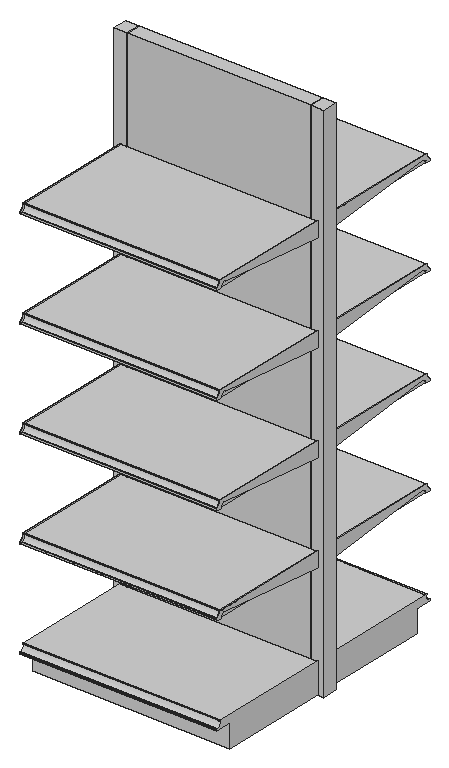
Revit family "TL1", category Specialty Equipment, Revit 2012
Parameters (values of type "Tube Line Starter (Default)")
  Width = 3' - 0"
  URL = "http://www.madixinc.com/display/tubeline.html#"
  Model = "Tube Line"
  Manufacturer = "© 2012 Madix, Inc. All rights reserved."
  "Front" Base Shelf [instance] = yes
  "Front" Shelf 2' [instance] = yes
  "Front" Shelf 3' - 6" [instance] = yes
  "Front" Shelf 5' [instance] = yes
  "Front" Shelf 6' - 6" [instance] = yes
  "Back" Base Shelf [instance] = yes
  "Back" Shelf 2' [instance] = yes
  "Back" Shelf 3' - 6" [instance] = yes
  "Front" Shelf Depth = 1' - 10"
  "Back" Shelf 5' [instance] = yes
  "Back" Shelf Depth = 1' - 10"
  Upright Height = 8' - 0"
  "Back" Shelf 6' - 6" [instance] = yes
Reference planes (in)
  plane 1 "Center (Front/Back)": y = 0
  plane 2: z = 0
  plane 3 "Center (Left/Right)": x = 0
  plane 4: y = 1.375
  plane 5: y = -1.375
  plane 6: z = 96
  plane 7: z = 0
  plane 8 "1st shelf": z = 23.5
  plane 9 "2nd shelf": z = 41.5
  plane 10 "3rd shelf": z = 59.5
  plane 11 "4th shelf": z = 77.5
  plane 12: y = -24.25
  plane 13: x = -18
  plane 14: x = 18
  plane 15: x = -17.875
  plane 16: x = 17.875
  plane 17: z = 41.5
  plane 18: y = 24.25
  plane 19: y = 23.375
  plane 20: y = -23.375
Forms (in)
  Extrusion 1, solid, material "Metal - Steel"
    sketch origin (-24, 1.375, 0) x (1, 0, 0) y (0, 0, 1)
      loop
        line (6, 0) -> (7.25, 0) -> (42, 0) -> (43.25, 0) -> (43.25, 96) -> (40.75, 96) -> (40.75, 0.03125) -> (40.71924, 0.03125) -> (40.71924, 96) -> (7.2815, 96) -> (7.2815, 0.03125) -> (7.25, 0.03125) -> (7.25, 96) -> (4.75, 96) -> (4.75, 0) -> (6, 0)
    from 0 to 2.75
  Extrusion 2, solid, material "Metal - Steel", visible <- ""Front" Base Shelf"
    sketch origin (0, 0, 0) x (0, 1, 0) y (0, 0, 1)
      loop
        line (-1.375, 0) -> (-1.375, 5.5) -> (-23.375, 5.5) -> (-23.50139, 5.5) -> (-23.50139, 5.375) -> (-23.375, 5.375)
        arc (-23.375, 5.375) -> (-23.63696, 4.73714) -> (-24.125, 4.25) r 1.75
        line (-24.125, 4.25) -> (-24.125, 4.375) -> (-24.25, 4.375) -> (-24.25, 4.25) -> (-24.25, 4.125) -> (-21.375, 4.125) -> (-21.375, 0) -> (-1.375, 0)
    from -18 to 18
  Extrusion 3, solid, material "Metal - Steel", visible <- ""Front" Shelf 2'"
    sketch origin (0, 0, 0) x (0, 1, 0) y (0, 0, 1)
      loop
        line (-1.375, 23.5) -> (-23.5, 23.5) -> (-23.625, 23.5)
        arc (-23.625, 23.5) -> (-23.83033, 22.87796) -> (-24.25, 22.375) r 1.75
        line (-24.25, 22.375) -> (-24.25, 22.125) -> (-23.375, 22.125) -> (-23.375, 22.375) -> (-22.625, 23) -> (-22.375, 23) -> (-22.375, 22.875) -> (-1.375, 20.75) -> (-1.375, 23.5)
      loop
        circle (-20.375, 23) r 0.125
      loop
        circle (-2.5, 23) r 0.125
    from -18 to -17.875
  Extrusion 4, solid, material "Metal - Steel", visible <- ""Front" Shelf 2'"
    sketch origin (0, 0, 0) x (0, 1, 0) y (0, 0, 1)
      loop
        line (-23.5, 23.5) -> (-23.5, 23.375) -> (-23.375, 23.375)
        arc (-23.375, 23.375) -> (-23.58033, 22.75296) -> (-24, 22.25) r 1.75
        line (-24, 22.25) -> (-24, 22.375) -> (-24.125, 22.375) -> (-24.125, 22.125) -> (-23.375, 22.125) -> (-1.375, 22.125) -> (-1.375, 23.5) -> (-23.5, 23.5)
    from -17.875 to 17.875
  Extrusion 5, solid, material "Metal - Steel", visible <- ""Front" Shelf 2'"
    sketch origin (0, 0, 0) x (0, 1, 0) y (0, 0, -1)
      loop
        line (-1.375, -23.5) -> (-1.375, -20.75) -> (-22.375, -22.875) -> (-22.375, -23) -> (-22.625, -23) -> (-23.375, -22.375) -> (-23.375, -22.125) -> (-24.25, -22.125) -> (-24.25, -22.375)
        arc (-24.25, -22.375) -> (-23.83033, -22.87796) -> (-23.625, -23.5) r 1.75
        line (-23.625, -23.5) -> (-23.5, -23.5) -> (-1.375, -23.5)
      loop
        circle (-20.375, -23) r 0.125
      loop
        circle (-2.5, -23) r 0.125
    from -18 to -17.875
  Extrusion 6, solid, material "Metal - Steel", visible <- ""Front" Shelf 3' - 6""
    sketch origin (0, 0, 18) x (0, 1, 0) y (0, 0, 1)
      loop
        line (-1.375, 23.5) -> (-23.5, 23.5) -> (-23.625, 23.5)
        arc (-23.625, 23.5) -> (-23.83033, 22.87796) -> (-24.25, 22.375) r 1.75
        line (-24.25, 22.375) -> (-24.25, 22.125) -> (-23.375, 22.125) -> (-23.375, 22.375) -> (-22.625, 23) -> (-22.375, 23) -> (-22.375, 22.875) -> (-1.375, 20.75) -> (-1.375, 23.5)
      loop
        circle (-20.375, 23) r 0.125
      loop
        circle (-2.5, 23) r 0.125
    from -18 to -17.875
  Extrusion 7, solid, material "Metal - Steel", visible <- ""Front" Shelf 3' - 6""
    sketch origin (0, 0, 18) x (0, 1, 0) y (0, 0, 1)
      loop
        line (-23.5, 23.5) -> (-23.5, 23.375) -> (-23.375, 23.375)
        arc (-23.375, 23.375) -> (-23.58033, 22.75296) -> (-24, 22.25) r 1.75
        line (-24, 22.25) -> (-24, 22.375) -> (-24.25, 22.375) -> (-24.25, 22.125) -> (-23.375, 22.125) -> (-1.375, 22.125) -> (-1.375, 23.5) -> (-23.5, 23.5)
    from -17.875 to 17.875
  Extrusion 8, solid, material "Metal - Steel", visible <- ""Front" Shelf 3' - 6""
    sketch origin (0, 0, 18) x (0, 1, 0) y (0, 0, -1)
      loop
        line (-1.375, -23.5) -> (-1.375, -20.75) -> (-22.375, -22.875) -> (-22.375, -23) -> (-22.625, -23) -> (-23.375, -22.375) -> (-23.375, -22.125) -> (-24.25, -22.125) -> (-24.25, -22.375)
        arc (-24.25, -22.375) -> (-23.83033, -22.87796) -> (-23.625, -23.5) r 1.75
        line (-23.625, -23.5) -> (-23.5, -23.5) -> (-1.375, -23.5)
      loop
        circle (-20.375, -23) r 0.125
      loop
        circle (-2.5, -23) r 0.125
    from -18 to -17.875
  Extrusion 9, solid, material "Metal - Steel", visible <- ""Front" Shelf 5'"
    sketch origin (0, 0, 36) x (0, 1, 0) y (0, 0, 1)
      loop
        line (-1.375, 23.5) -> (-23.5, 23.5) -> (-23.625, 23.5)
        arc (-23.625, 23.5) -> (-23.83033, 22.87796) -> (-24.25, 22.375) r 1.75
        line (-24.25, 22.375) -> (-24.25, 22.125) -> (-23.375, 22.125) -> (-23.375, 22.375) -> (-22.625, 23) -> (-22.375, 23) -> (-22.375, 22.875) -> (-1.375, 20.75) -> (-1.375, 23.5)
      loop
        circle (-20.375, 23) r 0.125
      loop
        circle (-2.5, 23) r 0.125
    from -18 to -17.875
  Extrusion 10, solid, material "Metal - Steel", visible <- ""Front" Shelf 5'"
    sketch origin (0, 0, 36) x (0, 1, 0) y (0, 0, 1)
      loop
        line (-23.5, 23.5) -> (-23.5, 23.375) -> (-23.375, 23.375)
        arc (-23.375, 23.375) -> (-23.58033, 22.75296) -> (-24, 22.25) r 1.75
        line (-24, 22.25) -> (-24, 22.375) -> (-24.25, 22.375) -> (-24.25, 22.125) -> (-23.375, 22.125) -> (-1.375, 22.125) -> (-1.375, 23.5) -> (-23.5, 23.5)
    from -17.875 to 17.875
  Extrusion 11, solid, material "Metal - Steel", visible <- ""Front" Shelf 5'"
    sketch origin (0, 0, 36) x (0, 1, 0) y (0, 0, -1)
      loop
        line (-1.375, -23.5) -> (-1.375, -20.75) -> (-22.375, -22.875) -> (-22.375, -23) -> (-22.625, -23) -> (-23.375, -22.375) -> (-23.375, -22.125) -> (-24.25, -22.125) -> (-24.25, -22.375)
        arc (-24.25, -22.375) -> (-23.83033, -22.87796) -> (-23.625, -23.5) r 1.75
        line (-23.625, -23.5) -> (-23.5, -23.5) -> (-1.375, -23.5)
      loop
        circle (-20.375, -23) r 0.125
      loop
        circle (-2.5, -23) r 0.125
    from -18 to -17.875
  Extrusion 12, solid, material "Metal - Steel", visible <- ""Front" Shelf 6' - 6""
    sketch origin (0, 0, 54) x (0, 1, 0) y (0, 0, 1)
      loop
        line (-1.375, 23.5) -> (-23.5, 23.5) -> (-23.625, 23.5)
        arc (-23.625, 23.5) -> (-23.83033, 22.87796) -> (-24.25, 22.375) r 1.75
        line (-24.25, 22.375) -> (-24.25, 22.125) -> (-23.375, 22.125) -> (-23.375, 22.375) -> (-22.625, 23) -> (-22.375, 23) -> (-22.375, 22.875) -> (-1.375, 20.75) -> (-1.375, 23.5)
      loop
        circle (-20.375, 23) r 0.125
      loop
        circle (-2.5, 23) r 0.125
    from -18 to -17.875
  Extrusion 13, solid, material "Metal - Steel", visible <- ""Front" Shelf 6' - 6""
    sketch origin (0, 0, 54) x (0, 1, 0) y (0, 0, 1)
      loop
        line (-23.5, 23.5) -> (-23.5, 23.375) -> (-23.375, 23.375)
        arc (-23.375, 23.375) -> (-23.58033, 22.75296) -> (-24, 22.25) r 1.75
        line (-24, 22.25) -> (-24, 22.375) -> (-24.25, 22.375) -> (-24.25, 22.125) -> (-23.375, 22.125) -> (-1.375, 22.125) -> (-1.375, 23.5) -> (-23.5, 23.5)
    from -17.875 to 17.875
  Extrusion 14, solid, material "Metal - Steel", visible <- ""Front" Shelf 6' - 6""
    sketch origin (0, 0, 54) x (0, 1, 0) y (0, 0, -1)
      loop
        line (-1.375, -23.5) -> (-1.375, -20.75) -> (-22.375, -22.875) -> (-22.375, -23) -> (-22.625, -23) -> (-23.375, -22.375) -> (-23.375, -22.125) -> (-24.25, -22.125) -> (-24.25, -22.375)
        arc (-24.25, -22.375) -> (-23.83033, -22.87796) -> (-23.625, -23.5) r 1.75
        line (-23.625, -23.5) -> (-23.5, -23.5) -> (-1.375, -23.5)
      loop
        circle (-20.375, -23) r 0.125
      loop
        circle (-2.5, -23) r 0.125
    from -18 to -17.875
  Extrusion 15, solid, material "Metal - Steel", visible <- ""Back" Base Shelf"
    sketch origin (0, 0, 0) x (0, -1, 0) y (0, 0, -1)
      loop
        line (-1.375, 0) -> (-21.375, 0) -> (-21.375, -4.125) -> (-24.25, -4.125) -> (-24.25, -4.25) -> (-24.25, -4.375) -> (-24.125, -4.375) -> (-24.125, -4.25)
        arc (-24.125, -4.25) -> (-23.63696, -4.73714) -> (-23.375, -5.375) r 1.75
        line (-23.375, -5.375) -> (-23.50139, -5.375) -> (-23.50139, -5.5) -> (-23.375, -5.5) -> (-1.375, -5.5) -> (-1.375, 0)
    from -18 to 18
  Extrusion 16, solid, material "Metal - Steel", visible <- ""Back" Shelf 2'"
    sketch origin (0, 0, 0) x (0, -1, 0) y (0, 0, -1)
      loop
        line (-1.375, -23.5) -> (-1.375, -20.75) -> (-22.375, -22.875) -> (-22.375, -23) -> (-22.625, -23) -> (-23.375, -22.375) -> (-23.375, -22.125) -> (-24.25, -22.125) -> (-24.25, -22.375)
        arc (-24.25, -22.375) -> (-23.83033, -22.87796) -> (-23.625, -23.5) r 1.75
        line (-23.625, -23.5) -> (-23.5, -23.5) -> (-1.375, -23.5)
      loop
        circle (-20.375, -23) r 0.125
      loop
        circle (-2.5, -23) r 0.125
    from -18 to -17.875
  Extrusion 17, solid, material "Metal - Steel", visible <- ""Back" Shelf 2'"
    sketch origin (0, 0, 0) x (0, -1, 0) y (0, 0, -1)
      loop
        line (-23.5, -23.5) -> (-1.375, -23.5) -> (-1.375, -22.125) -> (-23.375, -22.125) -> (-24.125, -22.125) -> (-24.125, -22.375) -> (-24, -22.375) -> (-24, -22.25)
        arc (-24, -22.25) -> (-23.58033, -22.75296) -> (-23.375, -23.375) r 1.75
        line (-23.375, -23.375) -> (-23.5, -23.375) -> (-23.5, -23.5)
    from -17.875 to 17.875
  Extrusion 18, solid, material "Metal - Steel", visible <- ""Back" Shelf 2'"
    sketch origin (0, 0, 0) x (0, -1, 0) y (0, 0, 1)
      loop
        line (-1.375, 23.5) -> (-23.5, 23.5) -> (-23.625, 23.5)
        arc (-23.625, 23.5) -> (-23.83033, 22.87796) -> (-24.25, 22.375) r 1.75
        line (-24.25, 22.375) -> (-24.25, 22.125) -> (-23.375, 22.125) -> (-23.375, 22.375) -> (-22.625, 23) -> (-22.375, 23) -> (-22.375, 22.875) -> (-1.375, 20.75) -> (-1.375, 23.5)
      loop
        circle (-20.375, 23) r 0.125
      loop
        circle (-2.5, 23) r 0.125
    from -18 to -17.875
  Extrusion 19, solid, material "Metal - Steel", visible <- ""Back" Shelf 3' - 6""
    sketch origin (0, 0, 18) x (0, -1, 0) y (0, 0, -1)
      loop
        line (-1.375, -23.5) -> (-1.375, -20.75) -> (-22.375, -22.875) -> (-22.375, -23) -> (-22.625, -23) -> (-23.375, -22.375) -> (-23.375, -22.125) -> (-24.25, -22.125) -> (-24.25, -22.375)
        arc (-24.25, -22.375) -> (-23.83033, -22.87796) -> (-23.625, -23.5) r 1.75
        line (-23.625, -23.5) -> (-23.5, -23.5) -> (-1.375, -23.5)
      loop
        circle (-20.375, -23) r 0.125
      loop
        circle (-2.5, -23) r 0.125
    from -18 to -17.875
  Extrusion 20, solid, material "Metal - Steel", visible <- ""Back" Shelf 3' - 6""
    sketch origin (0, 0, 18) x (0, -1, 0) y (0, 0, -1)
      loop
        line (-23.5, -23.5) -> (-1.375, -23.5) -> (-1.375, -22.125) -> (-23.375, -22.125) -> (-24.25, -22.125) -> (-24.25, -22.375) -> (-24, -22.375) -> (-24, -22.25)
        arc (-24, -22.25) -> (-23.58033, -22.75296) -> (-23.375, -23.375) r 1.75
        line (-23.375, -23.375) -> (-23.5, -23.375) -> (-23.5, -23.5)
    from -17.875 to 17.875
  Extrusion 21, solid, material "Metal - Steel", visible <- ""Back" Shelf 3' - 6""
    sketch origin (0, 0, 18) x (0, -1, 0) y (0, 0, 1)
      loop
        line (-1.375, 23.5) -> (-23.5, 23.5) -> (-23.625, 23.5)
        arc (-23.625, 23.5) -> (-23.83033, 22.87796) -> (-24.25, 22.375) r 1.75
        line (-24.25, 22.375) -> (-24.25, 22.125) -> (-23.375, 22.125) -> (-23.375, 22.375) -> (-22.625, 23) -> (-22.375, 23) -> (-22.375, 22.875) -> (-1.375, 20.75) -> (-1.375, 23.5)
      loop
        circle (-20.375, 23) r 0.125
      loop
        circle (-2.5, 23) r 0.125
    from -18 to -17.875
  Extrusion 22, solid, material "Metal - Steel", visible <- ""Back" Shelf 5'"
    sketch origin (0, 0, 36) x (0, -1, 0) y (0, 0, -1)
      loop
        line (-1.375, -23.5) -> (-1.375, -20.75) -> (-22.375, -22.875) -> (-22.375, -23) -> (-22.625, -23) -> (-23.375, -22.375) -> (-23.375, -22.125) -> (-24.25, -22.125) -> (-24.25, -22.375)
        arc (-24.25, -22.375) -> (-23.83033, -22.87796) -> (-23.625, -23.5) r 1.75
        line (-23.625, -23.5) -> (-23.5, -23.5) -> (-1.375, -23.5)
      loop
        circle (-20.375, -23) r 0.125
      loop
        circle (-2.5, -23) r 0.125
    from -18 to -17.875
  Extrusion 23, solid, material "Metal - Steel", visible <- ""Back" Shelf 5'"
    sketch origin (0, 0, 36) x (0, -1, 0) y (0, 0, -1)
      loop
        line (-23.5, -23.5) -> (-1.375, -23.5) -> (-1.375, -22.125) -> (-23.375, -22.125) -> (-24.25, -22.125) -> (-24.25, -22.375) -> (-24, -22.375) -> (-24, -22.25)
        arc (-24, -22.25) -> (-23.58033, -22.75296) -> (-23.375, -23.375) r 1.75
        line (-23.375, -23.375) -> (-23.5, -23.375) -> (-23.5, -23.5)
    from -17.875 to 17.875
  Extrusion 24, solid, material "Metal - Steel", visible <- ""Back" Shelf 5'"
    sketch origin (0, 0, 36) x (0, -1, 0) y (0, 0, 1)
      loop
        line (-1.375, 23.5) -> (-23.5, 23.5) -> (-23.625, 23.5)
        arc (-23.625, 23.5) -> (-23.83033, 22.87796) -> (-24.25, 22.375) r 1.75
        line (-24.25, 22.375) -> (-24.25, 22.125) -> (-23.375, 22.125) -> (-23.375, 22.375) -> (-22.625, 23) -> (-22.375, 23) -> (-22.375, 22.875) -> (-1.375, 20.75) -> (-1.375, 23.5)
      loop
        circle (-20.375, 23) r 0.125
      loop
        circle (-2.5, 23) r 0.125
    from -18 to -17.875
  Extrusion 25, solid, material "Metal - Steel", visible <- ""Back" Shelf 6' - 6""
    sketch origin (0, 0, 54) x (0, -1, 0) y (0, 0, -1)
      loop
        line (-1.375, -23.5) -> (-1.375, -20.75) -> (-22.375, -22.875) -> (-22.375, -23) -> (-22.625, -23) -> (-23.375, -22.375) -> (-23.375, -22.125) -> (-24.25, -22.125) -> (-24.25, -22.375)
        arc (-24.25, -22.375) -> (-23.83033, -22.87796) -> (-23.625, -23.5) r 1.75
        line (-23.625, -23.5) -> (-23.5, -23.5) -> (-1.375, -23.5)
      loop
        circle (-20.375, -23) r 0.125
      loop
        circle (-2.5, -23) r 0.125
    from -18 to -17.875
  Extrusion 26, solid, material "Metal - Steel", visible <- ""Back" Shelf 6' - 6""
    sketch origin (0, 0, 54) x (0, -1, 0) y (0, 0, -1)
      loop
        line (-23.5, -23.5) -> (-1.375, -23.5) -> (-1.375, -22.125) -> (-23.375, -22.125) -> (-24.25, -22.125) -> (-24.25, -22.375) -> (-24, -22.375) -> (-24, -22.25)
        arc (-24, -22.25) -> (-23.58033, -22.75296) -> (-23.375, -23.375) r 1.75
        line (-23.375, -23.375) -> (-23.5, -23.375) -> (-23.5, -23.5)
    from -17.875 to 17.875
  Extrusion 27, solid, material "Metal - Steel", visible <- ""Back" Shelf 6' - 6""
    sketch origin (0, 0, 54) x (0, -1, 0) y (0, 0, 1)
      loop
        line (-1.375, 23.5) -> (-23.5, 23.5) -> (-23.625, 23.5)
        arc (-23.625, 23.5) -> (-23.83033, 22.87796) -> (-24.25, 22.375) r 1.75
        line (-24.25, 22.375) -> (-24.25, 22.125) -> (-23.375, 22.125) -> (-23.375, 22.375) -> (-22.625, 23) -> (-22.375, 23) -> (-22.375, 22.875) -> (-1.375, 20.75) -> (-1.375, 23.5)
      loop
        circle (-20.375, 23) r 0.125
      loop
        circle (-2.5, 23) r 0.125
    from -18 to -17.875
Lines and regions (in)
  Split face 1
    outline origin (-24, -1.375, 0) x (1, 0, 0) y (0, 0, 1)
      loop
        line (7.2815, 96) -> (7.2815, 0.03125) -> (40.71924, 0.03125) -> (40.71924, 96)
  Split face 2
    outline origin (-24, 1.375, 0) x (1, 0, 0) y (0, 0, 1)
      loop
        line (40.71924, 96) -> (40.71924, 0.03125) -> (7.2815, 0.03125) -> (7.2815, 96)
  model lines
    curve 1: line (-18, 0, 0) -> (18, 0, 0)
  reference lines
    curve 2: line (-16.75, 0, 23.5) -> (16.71875, 0, 23.5)
    curve 3: line (-16.75, 0, 59.5) -> (16.71875, 0, 59.5)
    curve 4: line (16.71875, 0, 77.5) -> (-16.71875, 0, 77.5)
Dimensions and locks (in)
  "Upright Height": plane 6 to level
  ""Front" Shelf Depth": plane 20 to plane 5
  equal spacing: plane 13, plane 3 "Center (Left/Right)", plane 14
  "Width": plane 13 to plane 14
  locked: plane 13 to plane 15 at 0.125
  locked: plane 16 to plane 14 at 0.125
  ""Back" Shelf Depth": plane 4 to plane 19
  locked: plane 19 to plane 18 at 0.875
  locked: plane 20 to plane 12 at 0.875
  aligned and locked: level to plane 2
  aligned and locked: plane 12 to Extrusion 2
  aligned and locked: Extrusion 2 to plane 5
  aligned and locked: plane 13 to Extrusion 2
  aligned and locked: plane 14 to Extrusion 2
  aligned and locked: Extrusion 4 to Extrusion 5
  aligned and locked: Extrusion 3 to Extrusion 2
  aligned and locked: Extrusion 3 to plane 15
  aligned and locked: Extrusion 4 to Extrusion 3
  aligned and locked: Extrusion 5 to Extrusion 2
  aligned and locked: plane 16 to Extrusion 5
  aligned and locked: Extrusion 7 to Extrusion 8
  aligned and locked: Extrusion 7 to Extrusion 6
  aligned and locked: Extrusion 6 to Extrusion 3
  aligned and locked: Extrusion 8 to Extrusion 4
  aligned and locked: Extrusion 8 to Extrusion 2
  aligned and locked: Extrusion 2 to Extrusion 7
  aligned and locked: Extrusion 6 to plane 15
  aligned and locked: Extrusion 6 to Extrusion 2
  aligned and locked: Extrusion 10 to Extrusion 11
  aligned and locked: Extrusion 10 to Extrusion 9
  aligned and locked: Extrusion 9 to Extrusion 3
  aligned and locked: Extrusion 2 to Extrusion 10
  aligned and locked: Extrusion 11 to Extrusion 2
  aligned and locked: Extrusion 11 to Extrusion 4
  aligned and locked: Extrusion 9 to Extrusion 2
  aligned and locked: Extrusion 13 to Extrusion 14
  aligned and locked: Extrusion 13 to Extrusion 12
  aligned and locked: Extrusion 12 to Extrusion 2
  aligned and locked: Extrusion 12 to Extrusion 3
  aligned and locked: Extrusion 2 to Extrusion 13
  aligned and locked: Extrusion 14 to Extrusion 2
  aligned and locked: Extrusion 14 to Extrusion 4
  aligned and locked: curve 1 to Extrusion 15
  aligned and locked: Extrusion 15 to Extrusion 2
  aligned and locked: Extrusion 2 to Extrusion 15
  aligned and locked: plane 13 to Extrusion 15
  aligned and locked: Extrusion 18 to Extrusion 17
  aligned and locked: Extrusion 16 to Extrusion 17
  aligned and locked: Extrusion 15 to plane 18
  aligned and locked: Extrusion 16 to curve 1
  aligned and locked: plane 15 to Extrusion 16
  aligned and locked: curve 1 to Extrusion 18
  aligned and locked: Extrusion 18 to Extrusion 4
  aligned and locked: Extrusion 16 to Extrusion 2
  aligned and locked: Extrusion 21 to Extrusion 20
  aligned and locked: Extrusion 19 to Extrusion 20
  aligned and locked: Extrusion 15 to Extrusion 20
  aligned and locked: plane 15 to Extrusion 19
  aligned and locked: plane 13 to Extrusion 19
  aligned and locked: Extrusion 21 to plane 14
  aligned and locked: Extrusion 21 to plane 16
  aligned and locked: Extrusion 24 to Extrusion 23
  aligned and locked: Extrusion 22 to Extrusion 23
  aligned and locked: Extrusion 15 to Extrusion 23
  aligned and locked: Extrusion 24 to plane 16
  aligned and locked: Extrusion 24 to plane 14
  aligned and locked: plane 15 to Extrusion 22
  aligned and locked: plane 13 to Extrusion 22
  aligned and locked: Extrusion 27 to Extrusion 26
  aligned and locked: Extrusion 25 to Extrusion 26
  aligned and locked: Extrusion 15 to Extrusion 26
  aligned and locked: plane 13 to Extrusion 25
  aligned and locked: plane 15 to Extrusion 25
  aligned and locked: Extrusion 27 to plane 14
  aligned and locked: Extrusion 27 to plane 16
  aligned and locked: Extrusion 1 to plane 6  (x2)
  aligned and locked: plane 19 to Extrusion 15
  aligned and locked: plane 20 to Extrusion 2
Automatic sketch dimensions
  plane 1 "Center (Front/Back)" to curve 1 = 0' - 0"
  curve 3 to plane 10 "3rd shelf" = 0' - 0"
  curve 2 to plane 8 "1st shelf" = 0' - 0"
  curve 4 to plane 11 "4th shelf" = 0' - 0"
  plane 15 to curve 3 = 0' - 1 1/8"
  plane 15 to curve 2 = 0' - 1 1/8"
  plane 15 to curve 4 = 0' - 1 5/32"
  plane 16 to curve 4 = 0' - 1 5/32"
  plane 16 to curve 3 = 0' - 1 5/32"
  plane 16 to curve 2 = 0' - 1 5/32"
  Extrusion 2 sketch curve to plane 12 = 0' - 0"
  Extrusion 2 sketch curve to level = 0' - 0"
  Extrusion 2 sketch curve to plane 5 = 0' - 0"
  Extrusion 2 sketch curve to plane 12 = 0' - 0.84305"
  plane 12 to Extrusion 2 sketch curve = 0' - 0 1/8"
  plane 12 to Extrusion 2 sketch curve = 0' - 0.74861"
  Extrusion 2 sketch curve to Extrusion 2 sketch curve = 0' - 0.12639"
  Extrusion 2 sketch curve to Extrusion 2 sketch curve = 0' - 0"
  plane 12 to Extrusion 2 sketch curve = 0' - 2 7/8"
  level to Extrusion 2 sketch curve = 0' - 4 1/8"
  Extrusion 2 sketch curve to Extrusion 2 sketch curve = 0' - 0 1/8"  (x4)
  Extrusion 2 sketch curve to Extrusion 2 sketch curve = 0' - 1"
  Extrusion 3 sketch curve to plane 12 = 0' - 0"
  Extrusion 3 sketch curve to plane 8 "1st shelf" = 0' - 0"
  Extrusion 3 sketch curve to plane 5 = 0' - 0"
  plane 8 "1st shelf" to Extrusion 3 sketch curve = 0' - 0.22784"
  Extrusion 3 sketch curve to plane 12 = 0' - 1.11011"
  plane 12 to Extrusion 3 sketch curve = 0' - 0 5/8"
  Extrusion 3 sketch curve to Extrusion 3 sketch curve = 0' - 0 1/8"  (x2)
  plane 12 to Extrusion 3 sketch curve = 0' - 0 7/8"
  Extrusion 3 sketch curve to Extrusion 3 sketch curve = 0' - 0 3/4"
  Extrusion 3 sketch curve to Extrusion 3 sketch curve = 0' - 0 1/4"  (x2)
  Extrusion 3 sketch curve to plane 8 "1st shelf" = 0' - 0 1/2"  (x2)
  Extrusion 3 sketch curve to Extrusion 3 sketch curve = 0' - 2"
  plane 5 to Extrusion 3 sketch curve = 0' - 1 1/8"
  Extrusion 3 sketch curve to Extrusion 3 sketch curve = 0' - 0"
  Extrusion 3 sketch curve to Extrusion 3 sketch curve = 0' - 2 1/4"
  Extrusion 3 sketch curve to plane 8 "1st shelf" = 0' - 0 5/8"
  Extrusion 4 sketch curve to plane 8 "1st shelf" = 0' - 0"
  Extrusion 4 sketch curve to plane 5 = 0' - 0"
  plane 12 to Extrusion 4 sketch curve = 0' - 0 7/8"  (x2)
  Extrusion 4 sketch curve to plane 8 "1st shelf" = 0' - 0 1/8"
  Extrusion 4 sketch curve to Extrusion 4 sketch curve = 0' - 0 1/8"  (x3)
  plane 12 to Extrusion 4 sketch curve = 0' - 0 1/4"
  plane 12 to Extrusion 4 sketch curve = 0' - 0 1/8"
  plane 8 "1st shelf" to Extrusion 4 sketch curve = 0' - 0.10284"
  Extrusion 4 sketch curve to plane 12 = 0' - 0.86011"
  Extrusion 5 sketch curve to plane 12 = 0' - 0"
  Extrusion 5 sketch curve to plane 8 "1st shelf" = 0' - 0"
  Extrusion 5 sketch curve to plane 5 = 0' - 0"
  plane 8 "1st shelf" to Extrusion 5 sketch curve = 0' - 0.22784"
  Extrusion 5 sketch curve to plane 12 = 0' - 1.11011"
  plane 12 to Extrusion 5 sketch curve = 0' - 0 5/8"
  Extrusion 5 sketch curve to Extrusion 5 sketch curve = 0' - 0 1/8"  (x2)
  plane 12 to Extrusion 5 sketch curve = 0' - 0 7/8"
  Extrusion 5 sketch curve to Extrusion 5 sketch curve = 0' - 0 3/4"
  Extrusion 5 sketch curve to Extrusion 5 sketch curve = 0' - 0 1/4"  (x2)
  Extrusion 5 sketch curve to plane 8 "1st shelf" = 0' - 0 1/2"  (x3)
  Extrusion 5 sketch curve to Extrusion 5 sketch curve = 0' - 2"
  plane 5 to Extrusion 5 sketch curve = 0' - 1 1/8"
  Extrusion 5 sketch curve to Extrusion 5 sketch curve = 0' - 0"
  Extrusion 5 sketch curve to Extrusion 5 sketch curve = 0' - 2 1/4"
  Extrusion 6 sketch curve to plane 12 = 0' - 0"
  Extrusion 6 sketch curve to plane 9 "2nd shelf" = 0' - 0"
  Extrusion 6 sketch curve to plane 5 = 0' - 0"
  plane 9 "2nd shelf" to Extrusion 6 sketch curve = 0' - 0.22784"
  Extrusion 6 sketch curve to plane 12 = 0' - 1.11011"
  plane 12 to Extrusion 6 sketch curve = 0' - 0 5/8"
  Extrusion 6 sketch curve to Extrusion 6 sketch curve = 0' - 0 1/8"  (x2)
  plane 12 to Extrusion 6 sketch curve = 0' - 0 7/8"
  Extrusion 6 sketch curve to Extrusion 6 sketch curve = 0' - 0 3/4"
  Extrusion 6 sketch curve to Extrusion 6 sketch curve = 0' - 0 1/4"  (x2)
  Extrusion 6 sketch curve to plane 9 "2nd shelf" = 0' - 0 1/2"  (x2)
  Extrusion 6 sketch curve to Extrusion 6 sketch curve = 0' - 2"
  plane 5 to Extrusion 6 sketch curve = 0' - 1 1/8"
  Extrusion 6 sketch curve to Extrusion 6 sketch curve = 0' - 0"
  Extrusion 6 sketch curve to Extrusion 6 sketch curve = 0' - 2 1/4"
  Extrusion 6 sketch curve to plane 9 "2nd shelf" = 0' - 0 5/8"
  Extrusion 7 sketch curve to plane 12 = 0' - 0"
  Extrusion 7 sketch curve to plane 9 "2nd shelf" = 0' - 0"
  Extrusion 7 sketch curve to plane 5 = 0' - 0"
  plane 9 "2nd shelf" to Extrusion 7 sketch curve = 0' - 0.10284"
  Extrusion 7 sketch curve to plane 12 = 0' - 0.86011"
  plane 12 to Extrusion 7 sketch curve = 0' - 0 1/4"
  plane 12 to Extrusion 7 sketch curve = 0' - 0 3/4"
  Extrusion 7 sketch curve to Extrusion 7 sketch curve = 0' - 0 5/8"
  Extrusion 7 sketch curve to Extrusion 7 sketch curve = 0' - 0 1/8"  (x2)
  Extrusion 7 sketch curve to plane 9 "2nd shelf" = 0' - 0 1/8"
  Extrusion 7 sketch curve to Extrusion 7 sketch curve = 0' - 0 1/4"
  Extrusion 8 sketch curve to plane 12 = 0' - 0"
  Extrusion 8 sketch curve to plane 9 "2nd shelf" = 0' - 0"
  Extrusion 8 sketch curve to plane 5 = 0' - 0"
  plane 9 "2nd shelf" to Extrusion 8 sketch curve = 0' - 0.22784"
  Extrusion 8 sketch curve to plane 12 = 0' - 1.11011"
  plane 12 to Extrusion 8 sketch curve = 0' - 0 5/8"
  Extrusion 8 sketch curve to Extrusion 8 sketch curve = 0' - 0 1/8"  (x2)
  plane 12 to Extrusion 8 sketch curve = 0' - 0 7/8"
  Extrusion 8 sketch curve to Extrusion 8 sketch curve = 0' - 0 3/4"
  Extrusion 8 sketch curve to Extrusion 8 sketch curve = 0' - 0 1/4"  (x2)
  Extrusion 8 sketch curve to plane 9 "2nd shelf" = 0' - 0 1/2"  (x3)
  Extrusion 8 sketch curve to Extrusion 8 sketch curve = 0' - 2"
  plane 5 to Extrusion 8 sketch curve = 0' - 1 1/8"
  Extrusion 8 sketch curve to Extrusion 8 sketch curve = 0' - 0"
  Extrusion 8 sketch curve to Extrusion 8 sketch curve = 0' - 2 1/4"
  Extrusion 9 sketch curve to plane 12 = 0' - 0"
  Extrusion 9 sketch curve to plane 10 "3rd shelf" = 0' - 0"
  Extrusion 9 sketch curve to plane 5 = 0' - 0"
  plane 10 "3rd shelf" to Extrusion 9 sketch curve = 0' - 0.22784"
  Extrusion 9 sketch curve to plane 12 = 0' - 1.11011"
  plane 12 to Extrusion 9 sketch curve = 0' - 0 5/8"
  Extrusion 9 sketch curve to Extrusion 9 sketch curve = 0' - 0 1/8"  (x2)
  plane 12 to Extrusion 9 sketch curve = 0' - 0 7/8"
  Extrusion 9 sketch curve to Extrusion 9 sketch curve = 0' - 0 3/4"
  Extrusion 9 sketch curve to Extrusion 9 sketch curve = 0' - 0 1/4"  (x2)
  Extrusion 9 sketch curve to plane 10 "3rd shelf" = 0' - 0 1/2"  (x2)
  Extrusion 9 sketch curve to Extrusion 9 sketch curve = 0' - 2"
  plane 5 to Extrusion 9 sketch curve = 0' - 1 1/8"
  Extrusion 9 sketch curve to Extrusion 9 sketch curve = 0' - 0"
  Extrusion 9 sketch curve to Extrusion 9 sketch curve = 0' - 2 1/4"
  Extrusion 9 sketch curve to plane 10 "3rd shelf" = 0' - 0 5/8"
  Extrusion 10 sketch curve to plane 12 = 0' - 0"
  Extrusion 10 sketch curve to plane 10 "3rd shelf" = 0' - 0"
  Extrusion 10 sketch curve to plane 5 = 0' - 0"
  plane 10 "3rd shelf" to Extrusion 10 sketch curve = 0' - 0.10284"
  Extrusion 10 sketch curve to plane 12 = 0' - 0.86011"
  plane 12 to Extrusion 10 sketch curve = 0' - 0 1/4"
  plane 12 to Extrusion 10 sketch curve = 0' - 0 3/4"
  Extrusion 10 sketch curve to Extrusion 10 sketch curve = 0' - 0 5/8"
  Extrusion 10 sketch curve to Extrusion 10 sketch curve = 0' - 0 1/8"  (x2)
  Extrusion 10 sketch curve to plane 10 "3rd shelf" = 0' - 0 1/8"
  Extrusion 10 sketch curve to Extrusion 10 sketch curve = 0' - 0 1/4"
  Extrusion 11 sketch curve to plane 12 = 0' - 0"
  Extrusion 11 sketch curve to plane 10 "3rd shelf" = 0' - 0"
  Extrusion 11 sketch curve to plane 5 = 0' - 0"
  plane 10 "3rd shelf" to Extrusion 11 sketch curve = 0' - 0.22784"
  Extrusion 11 sketch curve to plane 12 = 0' - 1.11011"
  plane 12 to Extrusion 11 sketch curve = 0' - 0 5/8"
  Extrusion 11 sketch curve to Extrusion 11 sketch curve = 0' - 0 1/8"  (x2)
  plane 12 to Extrusion 11 sketch curve = 0' - 0 7/8"
  Extrusion 11 sketch curve to Extrusion 11 sketch curve = 0' - 0 3/4"
  Extrusion 11 sketch curve to Extrusion 11 sketch curve = 0' - 0 1/4"  (x2)
  Extrusion 11 sketch curve to plane 10 "3rd shelf" = 0' - 0 1/2"  (x3)
  Extrusion 11 sketch curve to Extrusion 11 sketch curve = 0' - 2"
  plane 5 to Extrusion 11 sketch curve = 0' - 1 1/8"
  Extrusion 11 sketch curve to Extrusion 11 sketch curve = 0' - 0"
  Extrusion 11 sketch curve to Extrusion 11 sketch curve = 0' - 2 1/4"
  Extrusion 12 sketch curve to plane 12 = 0' - 0"
  Extrusion 12 sketch curve to plane 11 "4th shelf" = 0' - 0"
  Extrusion 12 sketch curve to plane 5 = 0' - 0"
  plane 11 "4th shelf" to Extrusion 12 sketch curve = 0' - 0.22784"
  Extrusion 12 sketch curve to plane 12 = 0' - 1.11011"
  plane 12 to Extrusion 12 sketch curve = 0' - 0 5/8"
  Extrusion 12 sketch curve to Extrusion 12 sketch curve = 0' - 0 1/8"  (x2)
  plane 12 to Extrusion 12 sketch curve = 0' - 0 7/8"
  Extrusion 12 sketch curve to Extrusion 12 sketch curve = 0' - 0 3/4"
  Extrusion 12 sketch curve to Extrusion 12 sketch curve = 0' - 0 1/4"  (x2)
  Extrusion 12 sketch curve to plane 11 "4th shelf" = 0' - 0 1/2"  (x2)
  Extrusion 12 sketch curve to Extrusion 12 sketch curve = 0' - 2"
  plane 5 to Extrusion 12 sketch curve = 0' - 1 1/8"
  Extrusion 12 sketch curve to Extrusion 12 sketch curve = 0' - 0"
  Extrusion 12 sketch curve to Extrusion 12 sketch curve = 0' - 2 1/4"
  Extrusion 12 sketch curve to plane 11 "4th shelf" = 0' - 0 5/8"
  Extrusion 13 sketch curve to plane 12 = 0' - 0"
  Extrusion 13 sketch curve to plane 11 "4th shelf" = 0' - 0"
  Extrusion 13 sketch curve to plane 5 = 0' - 0"
  plane 11 "4th shelf" to Extrusion 13 sketch curve = 0' - 0.10284"
  Extrusion 13 sketch curve to plane 12 = 0' - 0.86011"
  plane 12 to Extrusion 13 sketch curve = 0' - 0 1/4"
  plane 12 to Extrusion 13 sketch curve = 0' - 0 3/4"
  Extrusion 13 sketch curve to Extrusion 13 sketch curve = 0' - 0 5/8"
  Extrusion 13 sketch curve to Extrusion 13 sketch curve = 0' - 0 1/8"  (x2)
  Extrusion 13 sketch curve to plane 11 "4th shelf" = 0' - 0 1/8"
  Extrusion 13 sketch curve to Extrusion 13 sketch curve = 0' - 0 1/4"
  Extrusion 14 sketch curve to plane 12 = 0' - 0"
  Extrusion 14 sketch curve to plane 11 "4th shelf" = 0' - 0"
  Extrusion 14 sketch curve to plane 5 = 0' - 0"
  plane 11 "4th shelf" to Extrusion 14 sketch curve = 0' - 0.22784"
  Extrusion 14 sketch curve to plane 12 = 0' - 1.11011"
  plane 12 to Extrusion 14 sketch curve = 0' - 0 5/8"
  Extrusion 14 sketch curve to Extrusion 14 sketch curve = 0' - 0 1/8"  (x2)
  plane 12 to Extrusion 14 sketch curve = 0' - 0 7/8"
  Extrusion 14 sketch curve to Extrusion 14 sketch curve = 0' - 0 3/4"
  Extrusion 14 sketch curve to Extrusion 14 sketch curve = 0' - 0 1/4"  (x2)
  Extrusion 14 sketch curve to plane 11 "4th shelf" = 0' - 0 1/2"  (x3)
  Extrusion 14 sketch curve to Extrusion 14 sketch curve = 0' - 2"
  plane 5 to Extrusion 14 sketch curve = 0' - 1 1/8"
  Extrusion 14 sketch curve to Extrusion 14 sketch curve = 0' - 0"
  Extrusion 14 sketch curve to Extrusion 14 sketch curve = 0' - 2 1/4"
  Extrusion 15 sketch curve to plane 18 = 0' - 0"
  Extrusion 15 sketch curve to level = 0' - 0"
  Extrusion 15 sketch curve to plane 4 = 0' - 0"
  plane 18 to Extrusion 15 sketch curve = 0' - 0.84305"
  Extrusion 15 sketch curve to plane 18 = 0' - 0 1/8"
  Extrusion 15 sketch curve to plane 18 = 0' - 0.74861"
  Extrusion 15 sketch curve to Extrusion 15 sketch curve = 0' - 0.12639"
  Extrusion 15 sketch curve to Extrusion 15 sketch curve = 0' - 0"  (x2)
  Extrusion 15 sketch curve to plane 18 = 0' - 2 7/8"
  Extrusion 15 sketch curve to level = 0' - 4 1/8"
  Extrusion 15 sketch curve to Extrusion 15 sketch curve = 0' - 0 1/8"  (x3)
  Extrusion 15 sketch curve to Extrusion 15 sketch curve = 0' - 1"
  Extrusion 16 sketch curve to plane 18 = 0' - 0"
  Extrusion 16 sketch curve to plane 8 "1st shelf" = 0' - 0"
  Extrusion 16 sketch curve to plane 4 = 0' - 0"
  Extrusion 16 sketch curve to plane 8 "1st shelf" = 0' - 0.22784"
  plane 18 to Extrusion 16 sketch curve = 0' - 1.11011"
  Extrusion 16 sketch curve to plane 18 = 0' - 0 5/8"
  Extrusion 16 sketch curve to Extrusion 16 sketch curve = 0' - 0 1/8"  (x2)
  Extrusion 16 sketch curve to Extrusion 16 sketch curve = 0' - 0 7/8"
  Extrusion 16 sketch curve to Extrusion 16 sketch curve = 0' - 0 3/4"
  Extrusion 16 sketch curve to Extrusion 16 sketch curve = 0' - 0 1/4"  (x2)
  plane 8 "1st shelf" to Extrusion 16 sketch curve = 0' - 0 1/2"  (x2)
  Extrusion 16 sketch curve to Extrusion 16 sketch curve = 0' - 2"
  Extrusion 16 sketch curve to plane 4 = 0' - 1 1/8"
  Extrusion 16 sketch curve to Extrusion 16 sketch curve = 0' - 0"
  Extrusion 16 sketch curve to Extrusion 16 sketch curve = 0' - 2 1/4"
  plane 8 "1st shelf" to Extrusion 16 sketch curve = 0' - 0 5/8"
  Extrusion 17 sketch curve to plane 8 "1st shelf" = 0' - 0"
  Extrusion 17 sketch curve to plane 4 = 0' - 0"
  Extrusion 17 sketch curve to plane 18 = 0' - 0 7/8"  (x2)
  plane 8 "1st shelf" to Extrusion 17 sketch curve = 0' - 0 1/8"
  Extrusion 17 sketch curve to Extrusion 17 sketch curve = 0' - 0 1/8"  (x3)
  Extrusion 17 sketch curve to plane 18 = 0' - 0 1/4"
  Extrusion 17 sketch curve to plane 18 = 0' - 0 1/8"
  Extrusion 17 sketch curve to plane 8 "1st shelf" = 0' - 0.10284"
  plane 18 to Extrusion 17 sketch curve = 0' - 0.86011"
  Extrusion 18 sketch curve to plane 18 = 0' - 0"
  Extrusion 18 sketch curve to plane 8 "1st shelf" = 0' - 0"
  Extrusion 18 sketch curve to plane 4 = 0' - 0"
  plane 8 "1st shelf" to Extrusion 18 sketch curve = 0' - 0.22784"
  Extrusion 18 sketch curve to plane 18 = 0' - 1.11011"
  plane 18 to Extrusion 18 sketch curve = 0' - 0 5/8"
  Extrusion 18 sketch curve to Extrusion 18 sketch curve = 0' - 0 1/8"  (x2)
  Extrusion 18 sketch curve to Extrusion 18 sketch curve = 0' - 0 7/8"
  Extrusion 18 sketch curve to Extrusion 18 sketch curve = 0' - 0 3/4"
  Extrusion 18 sketch curve to Extrusion 18 sketch curve = 0' - 0 1/4"  (x2)
  Extrusion 18 sketch curve to plane 8 "1st shelf" = 0' - 0 1/2"  (x2)
  Extrusion 18 sketch curve to Extrusion 18 sketch curve = 0' - 2"
  plane 4 to Extrusion 18 sketch curve = 0' - 1 1/8"
  Extrusion 18 sketch curve to Extrusion 18 sketch curve = 0' - 0"
  Extrusion 18 sketch curve to Extrusion 18 sketch curve = 0' - 2 1/4"
  Extrusion 18 sketch curve to plane 8 "1st shelf" = 0' - 0 5/8"
  Extrusion 19 sketch curve to plane 18 = 0' - 0"
  Extrusion 19 sketch curve to plane 9 "2nd shelf" = 0' - 0"
  Extrusion 19 sketch curve to plane 4 = 0' - 0"
  Extrusion 19 sketch curve to plane 9 "2nd shelf" = 0' - 0.22784"
  plane 18 to Extrusion 19 sketch curve = 0' - 1.11011"
  Extrusion 19 sketch curve to plane 18 = 0' - 0 5/8"
  Extrusion 19 sketch curve to Extrusion 19 sketch curve = 0' - 0 1/8"  (x2)
  Extrusion 19 sketch curve to Extrusion 19 sketch curve = 0' - 0 7/8"
  Extrusion 19 sketch curve to Extrusion 19 sketch curve = 0' - 0 3/4"
  Extrusion 19 sketch curve to Extrusion 19 sketch curve = 0' - 0 1/4"  (x2)
  plane 9 "2nd shelf" to Extrusion 19 sketch curve = 0' - 0 1/2"  (x2)
  Extrusion 19 sketch curve to Extrusion 19 sketch curve = 0' - 2"
  Extrusion 19 sketch curve to plane 4 = 0' - 1 1/8"
  Extrusion 19 sketch curve to Extrusion 19 sketch curve = 0' - 0"
  Extrusion 19 sketch curve to Extrusion 19 sketch curve = 0' - 2 1/4"
  plane 9 "2nd shelf" to Extrusion 19 sketch curve = 0' - 0 5/8"
  Extrusion 20 sketch curve to plane 18 = 0' - 0"
  Extrusion 20 sketch curve to plane 9 "2nd shelf" = 0' - 0"
  Extrusion 20 sketch curve to plane 4 = 0' - 0"
  Extrusion 20 sketch curve to plane 9 "2nd shelf" = 0' - 0.10284"
  plane 18 to Extrusion 20 sketch curve = 0' - 0.86011"
  Extrusion 20 sketch curve to plane 18 = 0' - 0 1/4"
  Extrusion 20 sketch curve to plane 18 = 0' - 0 3/4"
  Extrusion 20 sketch curve to Extrusion 20 sketch curve = 0' - 0 5/8"
  Extrusion 20 sketch curve to Extrusion 20 sketch curve = 0' - 0 1/8"  (x2)
  plane 9 "2nd shelf" to Extrusion 20 sketch curve = 0' - 0 1/8"
  Extrusion 20 sketch curve to Extrusion 20 sketch curve = 0' - 0 1/4"
  Extrusion 21 sketch curve to plane 18 = 0' - 0"
  Extrusion 21 sketch curve to plane 9 "2nd shelf" = 0' - 0"
  Extrusion 21 sketch curve to plane 4 = 0' - 0"
  plane 9 "2nd shelf" to Extrusion 21 sketch curve = 0' - 0.22784"
  Extrusion 21 sketch curve to plane 18 = 0' - 1.11011"
  plane 18 to Extrusion 21 sketch curve = 0' - 0 5/8"
  Extrusion 21 sketch curve to Extrusion 21 sketch curve = 0' - 0 1/8"  (x2)
  Extrusion 21 sketch curve to Extrusion 21 sketch curve = 0' - 0 7/8"
  Extrusion 21 sketch curve to Extrusion 21 sketch curve = 0' - 0 3/4"
  Extrusion 21 sketch curve to Extrusion 21 sketch curve = 0' - 0 1/4"  (x2)
  Extrusion 21 sketch curve to plane 9 "2nd shelf" = 0' - 0 1/2"  (x2)
  Extrusion 21 sketch curve to Extrusion 21 sketch curve = 0' - 2"
  plane 4 to Extrusion 21 sketch curve = 0' - 1 1/8"
  Extrusion 21 sketch curve to Extrusion 21 sketch curve = 0' - 0"
  Extrusion 21 sketch curve to Extrusion 21 sketch curve = 0' - 2 1/4"
  Extrusion 21 sketch curve to plane 9 "2nd shelf" = 0' - 0 5/8"
  Extrusion 22 sketch curve to plane 18 = 0' - 0"
  Extrusion 22 sketch curve to plane 10 "3rd shelf" = 0' - 0"
  Extrusion 22 sketch curve to plane 4 = 0' - 0"
  Extrusion 22 sketch curve to plane 10 "3rd shelf" = 0' - 0.22784"
  plane 18 to Extrusion 22 sketch curve = 0' - 1.11011"
  Extrusion 22 sketch curve to plane 18 = 0' - 0 5/8"
  Extrusion 22 sketch curve to Extrusion 22 sketch curve = 0' - 0 1/8"  (x2)
  Extrusion 22 sketch curve to Extrusion 22 sketch curve = 0' - 0 7/8"
  Extrusion 22 sketch curve to Extrusion 22 sketch curve = 0' - 0 3/4"
  Extrusion 22 sketch curve to Extrusion 22 sketch curve = 0' - 0 1/4"  (x2)
  plane 10 "3rd shelf" to Extrusion 22 sketch curve = 0' - 0 1/2"  (x2)
  Extrusion 22 sketch curve to Extrusion 22 sketch curve = 0' - 2"
  Extrusion 22 sketch curve to plane 4 = 0' - 1 1/8"
  Extrusion 22 sketch curve to Extrusion 22 sketch curve = 0' - 0"
  Extrusion 22 sketch curve to Extrusion 22 sketch curve = 0' - 2 1/4"
  plane 10 "3rd shelf" to Extrusion 22 sketch curve = 0' - 0 5/8"
  Extrusion 23 sketch curve to plane 18 = 0' - 0"
  Extrusion 23 sketch curve to plane 10 "3rd shelf" = 0' - 0"
  Extrusion 23 sketch curve to plane 4 = 0' - 0"
  Extrusion 23 sketch curve to plane 10 "3rd shelf" = 0' - 0.10284"
  plane 18 to Extrusion 23 sketch curve = 0' - 0.86011"
  Extrusion 23 sketch curve to plane 18 = 0' - 0 1/4"
  Extrusion 23 sketch curve to plane 18 = 0' - 0 3/4"
  Extrusion 23 sketch curve to Extrusion 23 sketch curve = 0' - 0 5/8"
  Extrusion 23 sketch curve to Extrusion 23 sketch curve = 0' - 0 1/8"  (x2)
  plane 10 "3rd shelf" to Extrusion 23 sketch curve = 0' - 0 1/8"
  Extrusion 23 sketch curve to Extrusion 23 sketch curve = 0' - 0 1/4"
  Extrusion 24 sketch curve to plane 18 = 0' - 0"
  Extrusion 24 sketch curve to plane 10 "3rd shelf" = 0' - 0"
  Extrusion 24 sketch curve to plane 4 = 0' - 0"
  plane 10 "3rd shelf" to Extrusion 24 sketch curve = 0' - 0.22784"
  Extrusion 24 sketch curve to plane 18 = 0' - 1.11011"
  plane 18 to Extrusion 24 sketch curve = 0' - 0 5/8"
  Extrusion 24 sketch curve to Extrusion 24 sketch curve = 0' - 0 1/8"  (x2)
  Extrusion 24 sketch curve to Extrusion 24 sketch curve = 0' - 0 7/8"
  Extrusion 24 sketch curve to Extrusion 24 sketch curve = 0' - 0 3/4"
  Extrusion 24 sketch curve to Extrusion 24 sketch curve = 0' - 0 1/4"  (x2)
  Extrusion 24 sketch curve to plane 10 "3rd shelf" = 0' - 0 1/2"  (x2)
  Extrusion 24 sketch curve to Extrusion 24 sketch curve = 0' - 2"
  plane 4 to Extrusion 24 sketch curve = 0' - 1 1/8"
  Extrusion 24 sketch curve to Extrusion 24 sketch curve = 0' - 0"
  Extrusion 24 sketch curve to Extrusion 24 sketch curve = 0' - 2 1/4"
  Extrusion 24 sketch curve to plane 10 "3rd shelf" = 0' - 0 5/8"
  Extrusion 25 sketch curve to plane 18 = 0' - 0"
  Extrusion 25 sketch curve to plane 11 "4th shelf" = 0' - 0"
  Extrusion 25 sketch curve to plane 4 = 0' - 0"
  Extrusion 25 sketch curve to plane 11 "4th shelf" = 0' - 0.22784"
  plane 18 to Extrusion 25 sketch curve = 0' - 1.11011"
  Extrusion 25 sketch curve to plane 18 = 0' - 0 5/8"
  Extrusion 25 sketch curve to Extrusion 25 sketch curve = 0' - 0 1/8"  (x2)
  Extrusion 25 sketch curve to plane 18 = 0' - 0 7/8"
  Extrusion 25 sketch curve to Extrusion 25 sketch curve = 0' - 0 3/4"
  Extrusion 25 sketch curve to Extrusion 25 sketch curve = 0' - 0 1/4"  (x2)
  plane 11 "4th shelf" to Extrusion 25 sketch curve = 0' - 0 1/2"  (x2)
  Extrusion 25 sketch curve to Extrusion 25 sketch curve = 0' - 2"
  Extrusion 25 sketch curve to plane 4 = 0' - 1 1/8"
  Extrusion 25 sketch curve to Extrusion 25 sketch curve = 0' - 0"
  Extrusion 25 sketch curve to Extrusion 25 sketch curve = 0' - 2 1/4"
  plane 11 "4th shelf" to Extrusion 25 sketch curve = 0' - 0 5/8"
  Extrusion 26 sketch curve to plane 18 = 0' - 0"
  Extrusion 26 sketch curve to plane 11 "4th shelf" = 0' - 0"
  Extrusion 26 sketch curve to plane 4 = 0' - 0"
  Extrusion 26 sketch curve to plane 11 "4th shelf" = 0' - 0.10284"
  plane 18 to Extrusion 26 sketch curve = 0' - 0.86011"
  Extrusion 26 sketch curve to plane 18 = 0' - 0 1/4"
  Extrusion 26 sketch curve to plane 18 = 0' - 0 3/4"
  Extrusion 26 sketch curve to Extrusion 26 sketch curve = 0' - 0 5/8"
  Extrusion 26 sketch curve to Extrusion 26 sketch curve = 0' - 0 1/8"  (x2)
  plane 11 "4th shelf" to Extrusion 26 sketch curve = 0' - 0 1/8"
  Extrusion 26 sketch curve to Extrusion 26 sketch curve = 0' - 0 1/4"
  Extrusion 27 sketch curve to plane 18 = 0' - 0"
  Extrusion 27 sketch curve to plane 11 "4th shelf" = 0' - 0"
  Extrusion 27 sketch curve to plane 4 = 0' - 0"
  plane 11 "4th shelf" to Extrusion 27 sketch curve = 0' - 0.22784"
  Extrusion 27 sketch curve to plane 18 = 0' - 1.11011"
  plane 18 to Extrusion 27 sketch curve = 0' - 0 5/8"
  Extrusion 27 sketch curve to Extrusion 27 sketch curve = 0' - 0 1/8"  (x2)
  plane 18 to Extrusion 27 sketch curve = 0' - 0 7/8"
  Extrusion 27 sketch curve to Extrusion 27 sketch curve = 0' - 0 3/4"
  Extrusion 27 sketch curve to Extrusion 27 sketch curve = 0' - 0 1/4"  (x2)
  Extrusion 27 sketch curve to plane 11 "4th shelf" = 0' - 0 1/2"  (x2)
  Extrusion 27 sketch curve to Extrusion 27 sketch curve = 0' - 2"
  plane 4 to Extrusion 27 sketch curve = 0' - 1 1/8"
  Extrusion 27 sketch curve to Extrusion 27 sketch curve = 0' - 0"
  Extrusion 27 sketch curve to Extrusion 27 sketch curve = 0' - 2 1/4"
  Extrusion 27 sketch curve to plane 11 "4th shelf" = 0' - 0 5/8"
  Extrusion 1 sketch curve to level = 0' - 0"
  Extrusion 1 sketch curve to plane 6 = 0' - 0"  (x2)
  plane 13 to Extrusion 1 sketch curve = 0' - 0"
  plane 6 to Extrusion 1 sketch curve = 0' - 0"
  plane 14 to Extrusion 1 sketch curve = 0' - 0"
  plane 13 to Extrusion 1 sketch curve = 0' - 1 1/4"
  plane 15 to Extrusion 1 sketch curve = 0' - 1 1/8"  (x2)
  Extrusion 1 sketch curve to Extrusion 1 sketch curve = 0' - 0.0315"
  plane 16 to Extrusion 1 sketch curve = 0' - 1.15576"
  level to Extrusion 1 sketch curve = 0' - 0 1/32"  (x2)
  Extrusion 1 sketch curve to Extrusion 1 sketch curve = 0' - 0.03076"
  Extrusion 1 sketch curve to plane 14 = 0' - 1 1/4"
  Extrusion 1 to Split face 1 sketch curve = 0' - 0"
  Split face 1 sketch curve to Extrusion 1 = 0' - 0"  (x4)
  Extrusion 1 to Split face 2 sketch curve = 0' - 0"
  Split face 2 sketch curve to Extrusion 1 = 0' - 0"  (x4)
  radius of Extrusion 3 sketch curve = 0' - 0 1/8"  (x2)
  radius of Extrusion 5 sketch curve = 0' - 0 1/8"  (x2)
  radius of Extrusion 6 sketch curve = 0' - 0 1/8"  (x2)
  radius of Extrusion 8 sketch curve = 0' - 0 1/8"  (x2)
  radius of Extrusion 9 sketch curve = 0' - 0 1/8"  (x2)
  radius of Extrusion 11 sketch curve = 0' - 0 1/8"  (x2)
  radius of Extrusion 12 sketch curve = 0' - 0 1/8"  (x2)
  radius of Extrusion 14 sketch curve = 0' - 0 1/8"  (x2)
  radius of Extrusion 16 sketch curve = 0' - 0 1/8"  (x2)
  radius of Extrusion 18 sketch curve = 0' - 0 1/8"  (x2)
  radius of Extrusion 19 sketch curve = 0' - 0 1/8"  (x2)
  radius of Extrusion 21 sketch curve = 0' - 0 1/8"  (x2)
  radius of Extrusion 22 sketch curve = 0' - 0 1/8"  (x2)
  radius of Extrusion 24 sketch curve = 0' - 0 1/8"  (x2)
  radius of Extrusion 25 sketch curve = 0' - 0 1/8"  (x2)
  radius of Extrusion 27 sketch curve = 0' - 0 1/8"  (x2)
